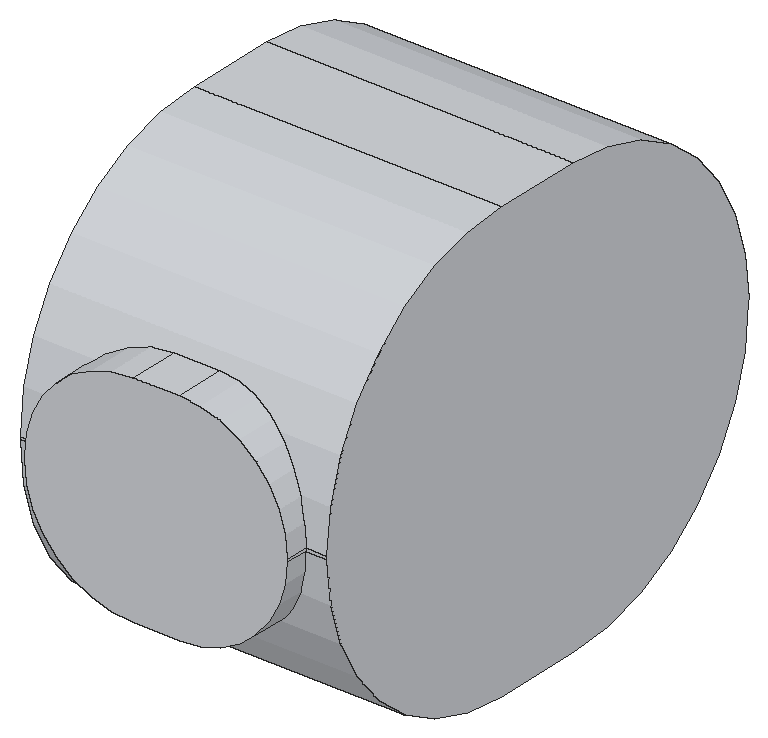
Revit family "M_T oval - Reto", category Conexões de duto, Revit 2019
Family settings
  Cota do conector redondo = Utilizar diâmetro
  Tipo de parte = Tê
  Número OmniClass = 23.75.70.14
  Título OmniClass = Air Ductwork
  ID de item do Seek = Oval Tee - Straight-0000-CAN-ENU
  Com base no plano de trabalho = Não
  Sempre na vertical = Sim
  Corte com vazios quando carregada = Não
  Compartilhado = Não
Parameters (values of type "Padrão")
  Comprimento do rebaixo [instance] = 25 mm
  Comprimento 2 [instance] = Largura do duto 1 / 2 + Comprimento do rebaixo  # 325 mm
  Comprimento 1 [instance] = Largura do duto 2 + Comprimento do rebaixo * 2  # 350 mm
  Largura do duto 2 [instance] = 300 mm
  Largura do duto 1 [instance] = 600 mm
  Altura do duto 2 [instance] = 250 mm
  Altura do duto 1 [instance] = 500 mm
Reference planes
  plane 1 "Centro (Frente/Trás)": y = 0
  plane 2: z = 0
  plane 3 "Centro (Esquerda/Direita)": x = 0
Forms (mm)
  Sweep 1, solid, detail levels medium+fine
    path in 3D
      loop
        line (-175, 0, 0) -> (175, 0, 0)
    profile "M_Duto - Oval : Duto - Oval 1" origin (0, 0, 0) x (0, 1, 0) y (0, 0, 1)
      loop
        line (-300, 1.588) -> (-300, -1.587)
        arc (-300, -1.587) -> (-227.242, -177.242) -> (-51.587, -250) r 248.412
        line (-51.587, -250) -> (51.588, -250)
        arc (51.588, -250) -> (227.242, -177.242) -> (300, -1.587) r 248.412
        line (300, -1.587) -> (300, 1.587)
        arc (300, 1.587) -> (227.242, 177.242) -> (51.588, 250) r 248.412
        line (51.588, 250) -> (-51.587, 250)
        arc (-51.587, 250) -> (-227.242, 177.242) -> (-300, 1.588) r 248.412
  Sweep 2, solid, detail levels medium+fine
    path in 3D
      loop
        line (0, 0, 0) -> (0, -325, 0)
    profile "M_Duto - Oval : Duto - Oval 2" origin (0, -162.5, 0) x (1, 0, 0) y (0, 0, 1)
      loop
        line (-150, 1.588) -> (-150, -1.587)
        arc (-150, -1.587) -> (-113.853, -88.853) -> (-26.587, -125) r 123.413
        line (-26.587, -125) -> (26.588, -125)
        arc (26.588, -125) -> (113.853, -88.853) -> (150, -1.587) r 123.413
        line (150, -1.587) -> (150, 1.587)
        arc (150, 1.587) -> (113.853, 88.853) -> (26.588, 125) r 123.413
        line (26.588, 125) -> (-26.587, 125)
        arc (-26.587, 125) -> (-113.853, 88.853) -> (-150, 1.588) r 123.413
Cuts and joins
  joined: Sweep 1, Sweep 2
Lines and regions (mm)
  model lines, detail levels coarse
    curve 1: line (-175, 0, 0) -> (175, 0, 0)
    curve 2: line (0, 0, 0) -> (0, -325, 0)
  sketch lines
    curve 3: line (-175, 0, 0) -> (175, 0, 0)
    curve 4: line (0, 0, 0) -> (0, -325, 0)
Dimensions and locks
  equal spacing: curve 1, plane 3 "Centro (Esquerda/Direita)", curve 1
  "Comprimento 1": curve 1 to curve 1
  "Comprimento 2": curve 2 to curve 2
  aligned and locked: plane 1 "Centro (Frente/Trás)" to curve 1
  aligned and locked: plane 1 "Centro (Frente/Trás)" to curve 2
  aligned and locked: curve 2 to plane 3 "Centro (Esquerda/Direita)"
Connectors
  hvac at (-175, 0, 0), driven by "Altura do duto 1", driven by "Largura do duto 1"
    settings: on Sweep 1, index 1, duct flow 0.0 L/s, flow factor 0, pres drop 0.0 Pa, loss coef 0, conn angle 0.00°, conn width 600 mm, conn height 500 mm, conn diameter 609.6 mm, duct sys type 28, conn prof type 2, flow config 0, flow direction 0, loss method 0, conn ref index 2, conn util no, is conn primary yes, conn desc ""
  hvac at (175, 0, 0), driven by "Altura do duto 1", driven by "Largura do duto 1"
    settings: on Sweep 1, index 2, duct flow 0.0 L/s, flow factor 0, pres drop 0.0 Pa, loss coef 0, conn angle 0.00°, conn width 600 mm, conn height 500 mm, conn diameter 609.6 mm, duct sys type 28, conn prof type 2, flow config 0, flow direction 0, loss method 0, conn ref index 1, conn util no, is conn primary no, conn desc ""
  hvac at (0, -325, 0), driven by "Altura do duto 2", driven by "Largura do duto 2"
    settings: on Sweep 2, index 3, duct flow 0.0 L/s, flow factor 0, pres drop 0.0 Pa, loss coef 0, conn angle 0.00°, conn width 300 mm, conn height 250 mm, conn diameter 609.6 mm, duct sys type 28, conn prof type 2, flow config 0, flow direction 0, loss method 0, conn ref index -1, conn util no, is conn primary no, conn desc ""
